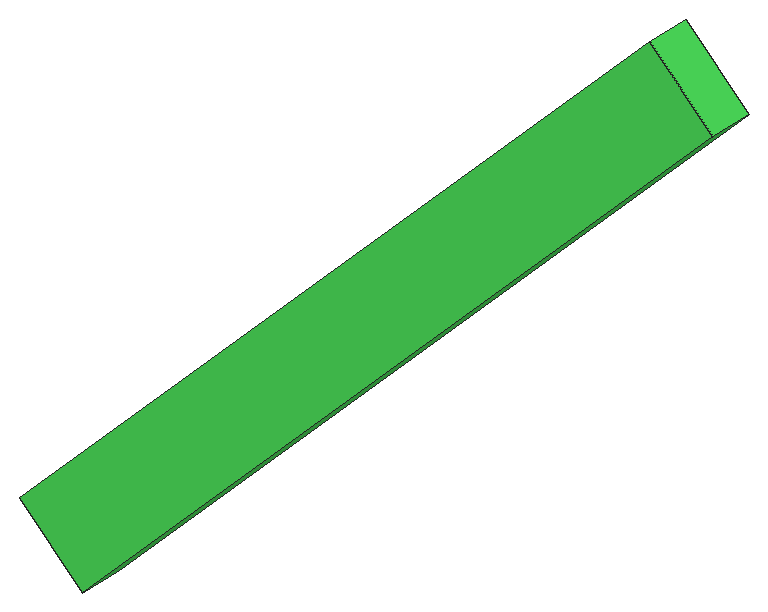
Revit family "機器サポート_溝形鋼", category Generic Models, Revit 2023
Family settings
  Can host rebar = No
  Round Connector Dimension = Use Diameter
  Part Type = Normal
  Work Plane-Based = Yes
  Always vertical = No
  Cut with Voids When Loaded = No
  Maintain Annotation Orientation = No
  Shared = No
  Room Calculation Point = No
Parameters (values of type "C 100 x 50")
  高さ = 100 mm
  長辺 [instance] = 長さ  # 1000 mm
  長さ [instance] = 1000 mm
  部屋名 = ""
  角度 [instance] = 45.00°
  Default Elevation = 1219.2 mm
  構造マテリアル = E003_機器サポート
  幅 = 50 mm
Types (10, lengths in mm): name | 高さ | 幅
  C 100 x 50 | 100 | 50
  C 125 x 65 | 125 | 65
  C 150 x 75 | 150 | 75
  C 180 x 75 | 180 | 75
  C 200 x 80 | 200 | 80
  C 200 x 90 | 200 | 90
  C 250 x 90 | 250 | 90
  C 300 x 90 | 300 | 90
  C 380 x 100 | 380 | 100
  C 75 x 40 | 75 | 40
Reference planes
  plane 1 "中心(正面/背面)": y = 0
  plane 2: z = 0
  plane 3 "中心(左/右)": x = 0
Lines and regions (mm)
  reference lines
    curve 1: line (0, 0, 0) -> (777.817, 0, 777.817)
    curve 2: line (35.355, 0, -35.355) -> (-35.355, 0, 35.355)
    curve 3: line (742.462, 0, 671.751) -> (671.751, 0, 742.462)
Dimensions and locks
  equal spacing: curve 2, curve 1, curve 2
  "高さ": curve 2 to curve 2
  equal spacing: curve 3, curve 1, curve 3
  "高さ": curve 3 to curve 3
  "長さ": curve 3 to curve 2
  "角度": angle level to curve 1
  angle curve 2 to curve 1 = 90.00°
  angle curve 3 to curve 1 = 90.00°
  aligned and locked: level to plane 2
  aligned and locked: level to curve 1
  aligned and locked: plane 3 "中心(左/右)" to curve 1
  aligned and locked: nested 1 to curve 1
Nested families
  nested 1: "溝形鋼" at (-35.355, 0, 35.355) x (0, 1, 0) z (0.7071, 0, -0.7071), 長さ <- "長さ", type "C 100 x 50"
    with 長辺 1000 mm, 長さ 1000 mm, 高さ 100 mm, 幅 50 mm
Definition of nested family "溝形鋼"
  Parameters (values of type "Ｈ 150 x 150")
    高さ = 150 mm
    長辺 [instance] = 長さ  # 500 mm
    長さ [instance] = 500 mm
    部屋名 = ""
    Default Elevation = 1219.2 mm
    構造マテリアル = none
    幅 = 150 mm
  Types (33, lengths in mm): name | 高さ | 長辺 | 長さ | 幅
    Ｈ 900 x 300 | 900 | 1000 | 1000 | 300
    Ｈ 800 x 300 | 800 | 1000 | 1000 | 300
    Ｈ 700 x 300 | 700 | 1000 | 1000 | 300
    Ｈ 588 x 300 | 588 | 1000 | 1000 | 300
    Ｈ 600 x 200 | 600 | 1000 | 1000 | 200
    Ｈ 488 x 300 | 488 | 1000 | 1000 | 300
    Ｈ 500 x 200 | 500 | 1000 | 1000 | 200
    Ｈ 440 x 300 | 440 | 1000 | 1000 | 300
    Ｈ 450 x 200 | 450 | 1000 | 1000 | 200
    Ｈ 400 x 400 | 400 | 1000 | 1000 | 400
    Ｈ 390 x 300 | 390 | 1000 | 1000 | 300
    Ｈ 400 x 200 | 400 | 1000 | 1000 | 200
    Ｈ 350 x 350 | 350 | 1000 | 1000 | 350
    Ｈ 340 x 250 | 340 | 1000 | 1000 | 250
    Ｈ 294 x 200 | 294 | 1000 | 1000 | 200
    Ｈ 244 x 175 | 244 | 1000 | 1000 | 175
    Ｈ 350 x 175 | 350 | 1000 | 1000 | 175
    Ｈ 300 x 300 | 300 | 1000 | 1000 | 300
    Ｈ 300 x 150 | 300 | 500 | 500 | 150
    Ｈ 250 x 250 | 250 | 500 | 500 | 250
    Ｈ 250 x 125 | 250 | 500 | 500 | 125
    Ｈ 200 x 200 | 200 | 500 | 500 | 200
    Ｈ 194 x 150 | 194 | 500 | 500 | 150
    Ｈ 200 x 100 | 200 | 500 | 500 | 100
    Ｈ 175 x 175 | 175 | 500 | 500 | 175
    Ｈ 175 x 90 | 175 | 500 | 500 | 90
    Ｈ 150 x 150 | 150 | 500 | 500 | 150
    Ｈ 148 x 100 | 148 | 500 | 500 | 100
    Ｈ 150 x 75 | 150 | 500 | 500 | 75
    Ｈ 125 x 125 | 125 | 500 | 500 | 125
    Ｈ 125 x 60 | 125 | 500 | 500 | 60
    Ｈ 100 x100 | 100 | 500 | 500 | 100
    Ｈ 100 x 50 | 100 | 500 | 500 | 50
  Reference planes
    plane 1 "中心(正面/背面)": y = 0
    plane 2: z = 0
    plane 3 "中心(左/右)": x = 0
    plane 4: z = 75
    plane 5: z = 150
  Forms (mm)
    Extrusion 1, solid, material <- "構造マテリアル"
      sketch origin (0, 0, 0) x (1, 0, 0) y (0, 1, 0)
        loop
          line (-75, 500) -> (-75, 0) -> (75, 0) -> (75, 500) -> (-75, 500)
      from 0 to 150
  Lines and regions (mm)
    reference lines
      curve 1: line (75, 500, 0) -> (-75, 500, 0)
      curve 2: line (75, 0, 0) -> (-75, 0, 0)
  Dimensions and locks
    "長さ": curve 1 to curve 2
    "幅": Extrusion 1 to Extrusion 1
    equal spacing: Extrusion 1, plane 3 "中心(左/右)", Extrusion 1
    "幅": curve 1 to curve 1
    equal spacing: curve 1, plane 3 "中心(左/右)", curve 1
    "幅": curve 2 to curve 2
    equal spacing: curve 2, plane 3 "中心(左/右)", curve 2
    equal spacing: plane 5, plane 4, level
    "高さ": plane 5 to level
    aligned and locked: level to plane 2
    aligned and locked: Extrusion 1 to curve 2
    aligned and locked: curve 1 to Extrusion 1
    aligned and locked: plane 5 to Extrusion 1
  Automatic sketch dimensions
    Extrusion 1 sketch curve to plane 3 "中心(左/右)" = 75 mm
    plane 3 "中心(左/右)" to Extrusion 1 sketch curve = 75 mm
    plane 1 "中心(正面/背面)" to Extrusion 1 sketch curve = 0 mm
    Extrusion 1 sketch curve to plane 1 "中心(正面/背面)" = 500 mm
    plane 1 "中心(正面/背面)" to curve 2 = 0 mm
